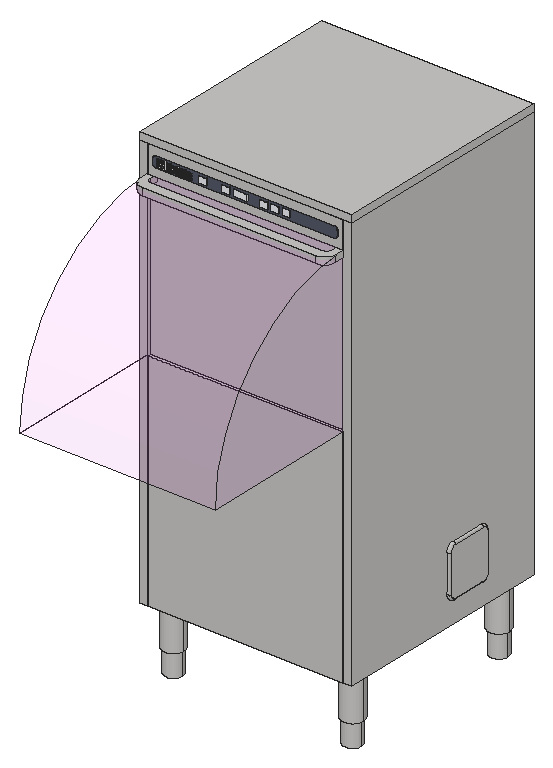
Revit family "QF_ELECTROLUXPROFESSIONAL_503024_WTU40ADP", category Attrezzature speciali, Revit 2020
Family settings
  Quota connettore circolare = Usa diametro
  Tipo di parte = Normale
  Basato su piano di lavoro = No
  Sempre verticale = Sì
  Taglio con vuoti quando caricato = No
  Condiviso = No
  Punto di calcolo locali = No
Parameters (values of type "Standard")
  Weight = 97.00 kg
  Watts = 9900 W
  Volts = 400 V
  URL Manufacturer = "https://www.electroluxprofessional.com/"
  URL = "https://www.electroluxprofessional.com/"
  Steam Supply Size = 0 mm
  Steam Supply Minimum Pressure = 0.0 Pa
  Steam Supply Maximum Pressure = 0.0 Pa
  Steam Consumption per Hour = 0
  Show Logo [instance] = yes
  Show Clearance [instance] = yes
  Refrigeration Suction Line Size = 0 mm
  Refrigeration Liquid Line Size = 0 mm
  Refrigerant Compressor Remote = yes
  Prospetto di default = 0 mm
  Produttore = "Electrolux Professional"
  Phase = 3
  Modello = "WTU40ADP"
  Length Actual = 642 mm  # constant formula
  Item Number = "503024"
  Hot Water Size = 19.05 mm
  Height Actual = 1477 mm  # constant formula
  HP = "13.3 HP"
  Gas Size = 0 mm
  Gas KW = 0
  Gas Input Pressure = 0 W
  Direct Waste Size = 20.5 mm
  Descrizione = "UTENSIL/DISHW. 65B/H,DRAIN P,ATM.BOILER"
  Depth Actual = 723 mm  # constant formula
  Cycle = 50 Hz
  Condensate Return Size = 0 mm
  Compressed Air Volume = 0.0 L/s
  Compressed Air Size = 0 mm
  Compressed Air Pressure = 0.0 Pa
  Cold Water Size = 0 mm
  Accessory = yes
Reference planes
  plane 1: z = 0
  plane 2 "LEFT": x = -438
  plane 3 "BACK": y = 450
  plane 4: z = 904
  plane 5: y = 381
  plane 6: x = -388
  plane 7: z = 200
  plane 8: x = 204
  plane 9: x = -117
  plane 10: z = 880
  plane 11: z = 1477
  plane 12: z = 1363
  plane 13: x = 154
  plane 14: y = -239
  plane 15: y = -172
  plane 16: through (180, 105, 4000) normal (-0.7071, -0.7071, 0)
  plane 17: through (180, 125, 4000) normal (0.7071, -0.7071, 0)
  plane 18: through (47, -3351, 200) normal (-0.7071, 0, -0.7071)
  plane 19: through (47, -3351, 220) normal (0.7071, 0, -0.7071)
  plane 20: y = 392
  plane 21: x = -173
  plane 22: y = 392
  plane 23: x = -117
  plane 24: y = -76
  plane 25: x = -208
Forms (mm)
  Extrusion 1, solid, material "QF_Finishes_Stainless Steel"
    sketch origin (0, 211, 0) x (1, 0, 0) y (0, 1, 0)
      loop
        line (-438, 239) -> (-438, -450) -> (-413, -450) -> (-413, -418) -> (179, -418) -> (179, -450) -> (204, -450) -> (204, 239) -> (-438, 239)
    from 200 to 1455
  Extrusion 2, solid, material "QF_Finishes_Stainless Steel"
    sketch origin (-247.596, -58.023, 198) x (0, -1, 0) y (1, 0, 0)
      loop
        line (-163.023, 407.596) -> (-163.023, 427.596) -> (-183.023, 427.596) -> (-183.023, 407.596) -> (-163.023, 407.596)
    from 0 to 2
  Extrusion 3, solid, material "QF_Finishes_Stainless Steel"
    sketch origin (-1275.159, 1164.464, 194.383) x (1, 0, 0) y (0, 1, 0)
      loop
        circle (1102.159, -772.464) r 10
    from -9.383 to 5.617
  Extrusion 4, solid, material "QF_Finishes_Stainless Steel"
    sketch origin (-30, 211, -709) x (1, 0, 0) y (0, 1, 0)
      loop
        line (-383, -440) -> (209, -440) -> (209, -420) -> (-383, -420) -> (-383, -440)
    from 1589 to 2082
  Extrusion 5, solid, material "QF_Finishes_Stainless Steel"
    sketch origin (-30, 211, -1192) x (1, 0, 0) y (0, 1, 0)
      loop
        line (-383, -450) -> (209, -450) -> (209, -420) -> (-383, -420) -> (-383, -450)
    from 1392 to 2072
  Extrusion 6, solid, material "QF_Finishes_Door Clearance", visible <- "Show Clearance"
    sketch origin (-259, -429, 522.718) x (0, 1, 0) y (0, 0, -1)
      loop
        line (200, -357.282) -> (-293, -357.282)
        arc (-293, -357.282) -> (-148.604, -705.885) -> (200, -850.282) r 493
        line (200, -850.282) -> (200, -357.282)
    from 154 to -438
  Extrusion 7, solid, material "QF_Finishes_Stainless Steel"
    sketch origin (-30, 211, -19) x (1, 0, 0) y (0, 1, 0)
      loop
        line (-383, -450) -> (209, -450) -> (209, -420) -> (-383, -420) -> (-383, -450)
    from 1392 to 1474
  Extrusion 8, solid, material "QF_Finishes_Stainless Steel"
    sketch origin (-57, 0, 63) x (1, 0, 0) y (0, 1, 0)
      loop
        line (-381, -239) -> (261, -239) -> (261, 450) -> (-381, 450) -> (-381, -239)
    from 1392 to 1414
  Extrusion 9, solid, material "QF_Finishes_Stainless Steel"
    sketch origin (-1219.159, 1164.464, 194.383) x (1, 0, 0) y (0, 1, 0)
      loop
        circle (1102.159, -772.464) r 10
    from -9.383 to 5.617
  Extrusion 10, solid, material "QF_Finishes_Stainless Steel"
    sketch origin (-1107.159, 1164.464, 194.383) x (1, 0, 0) y (0, 1, 0)
      loop
        circle (1102.159, -772.464) r 10
    from -9.383 to 5.617
  Extrusion 11, solid, material "QF_Finishes_Stainless Steel"
    sketch origin (-1310.159, 696.464, 194.383) x (1, 0, 0) y (0, 1, 0)
      loop
        circle (1102.159, -772.464) r 10
    from -9.383 to 5.617
Dimensions and locks
  plane 4 to level = 904 mm
  plane 3 "BACK" to plane 5 = 69 mm
  plane 2 "LEFT" to plane 6 = 50 mm
  plane 2 "LEFT" to plane 8 = 642 mm
  equal spacing: plane 2 "LEFT", plane 9, plane 8
  plane 10 to level = 880 mm
  plane 11 to level = 1477 mm
  plane 12 to plane 10 = 483 mm
  nested 1 to plane 6 = 0 mm
  plane 13 to plane 8 = 50 mm
  plane 3 "BACK" to plane 14 = 689 mm
  plane 15 to plane 14 = 67 mm
  aligned and locked: level to plane 1
Automatic sketch dimensions
  Extrusion 1 sketch curve to plane 2 "LEFT" = 0 mm
  plane 14 to Extrusion 1 sketch curve = 0 mm  (x2)
  Extrusion 1 sketch curve to plane 3 "BACK" = 0 mm
  Extrusion 1 sketch curve to plane 8 = 0 mm
  plane 2 "LEFT" to Extrusion 1 sketch curve = 25 mm
  plane 8 to Extrusion 1 sketch curve = 25 mm
  Extrusion 1 sketch curve to plane 14 = 32 mm
  Extrusion 2 sketch curve to plane 16 = 0 mm
  plane 17 to Extrusion 2 sketch curve = 0 mm
  Extrusion 2 sketch curve to plane 17 = 0 mm
  Extrusion 2 sketch curve to plane 13 = 6 mm
  plane 20 to Extrusion 3 sketch curve = 0 mm
  Extrusion 3 sketch curve to plane 21 = 0 mm
  plane 2 "LEFT" to Extrusion 4 sketch curve = 25 mm
  plane 8 to Extrusion 4 sketch curve = 25 mm
  Extrusion 4 sketch curve to plane 14 = 10 mm
  Extrusion 4 sketch curve to Extrusion 4 sketch curve = 20 mm
  plane 14 to Extrusion 5 sketch curve = 0 mm
  plane 2 "LEFT" to Extrusion 5 sketch curve = 25 mm
  plane 8 to Extrusion 5 sketch curve = 25 mm
  Extrusion 5 sketch curve to plane 14 = 30 mm
  plane 10 to Extrusion 6 sketch curve = 0 mm  (x2)
  Extrusion 6 sketch curve to plane 14 = 10 mm
  plane 12 to Extrusion 6 sketch curve = 10 mm
  plane 14 to Extrusion 7 sketch curve = 0 mm
  plane 2 "LEFT" to Extrusion 7 sketch curve = 25 mm
  plane 8 to Extrusion 7 sketch curve = 25 mm
  Extrusion 7 sketch curve to plane 14 = 30 mm
  Extrusion 8 sketch curve to plane 3 "BACK" = 0 mm
  plane 14 to Extrusion 8 sketch curve = 0 mm
  Extrusion 8 sketch curve to plane 8 = 0 mm
  Extrusion 8 sketch curve to plane 2 "LEFT" = 0 mm
  Extrusion 9 sketch curve to plane 9 = 0 mm
  plane 20 to Extrusion 9 sketch curve = 0 mm
  plane 20 to Extrusion 10 sketch curve = 0 mm
  Extrusion 10 sketch curve to plane 9 = 112 mm
  plane 2 "LEFT" to Extrusion 11 sketch curve = 230 mm
  Extrusion 11 sketch curve to plane 5 = 457 mm
  radius of Extrusion 3 sketch curve = 10 mm
  radius of Extrusion 9 sketch curve = 10 mm
  radius of Extrusion 10 sketch curve = 10 mm
  radius of Extrusion 11 sketch curve = 10 mm
Nested families
  nested 1: "Piedino H200 - DISHWASHING" at (-388, -172, 0), type "Piedino H200 - DISHWASHING"
    with H 200 mm
  nested 2: "Piedino H200 - DISHWASHING" at (-388, 381, 0), type "Piedino H200 - DISHWASHING"
    with H 200 mm
  nested 3: "Piedino H200 - DISHWASHING" at (154, -172, 0), type "Piedino H200 - DISHWASHING"
    with H 200 mm
  nested 4: "Piedino H200 - DISHWASHING" at (154, 381, 0), type "Piedino H200 - DISHWASHING"
    with H 200 mm
  nested 5: "MANIGLIA_DISHWASHING_ROUND" at (-117, -229, 1362.997) x (1, 0, 0) z (0, -1, 0), type "MANIGLIA_DISHWASHING_ROUND"
  nested 6: "Tastierino_DISHWASHING_BLU ELECTROLUX - LUNGO" at (-117, -239, 1414) x (1, 0, 0) z (0, -1, 0), type "Tastierino_DISHWASHING_BLU ELECTROLUX - LUNGO"
    with Show Logo yes
  nested 7: "BOCCHETTONE DISHWASHING" at (204, 191, 350) x (0, -1, 0) z (1, 0, 0), type "BOCCHETTONE DISHWASHING"
  nested 8: "ELX_LOGO_MONO_SMALL_WHITE" at (-360.07, -240, 1463) x (1, 0, 0) z (0, -1, 0), Show Logo <- "Show Logo", visible <- "Show Logo", type "ELX_LOGO_MONO_SMALL_WHITE"
    with Show Logo yes
  nested 9: "ELX_LOGO_WORDS_WHITE" at (-314.654, -240, 1414) x (1, 0, 0) z (0, -1, 0), Show Logo <- "Show Logo", visible <- "Show Logo", type "ELX_LOGO_WORDS_WHITE"
    with Show Logo yes
Connectors
  electrical at (170, 115, 198), driven by "Volts"
    settings: on Extrusion 2, index 69, voltage 400 V, apparent load 0 VA, apparent load phase1 0 VA, apparent load phase2 0 VA, apparent load phase3 0 VA, power factor 1, load classification "Altro", number of poles 1, system type 30, power factor state 1, is connector primary yes, connector utility no, sub classification motor no, connector description "Electrical Connection"
  piping at (-173, 392, 185), diameter 20.5, driven by "Direct Waste Size"
    settings: on Extrusion 3, index 70, connector inside diameter 609.6 mm, connector length 0 mm, flow factor 0, pipe flow 0.0 L/s, pressure drop 0.0 Pa, fitting loss kfactor 0, connector angle 0.00°, fixture units 0, engagement length 0 mm, angle of deflection 0.00°, flow configuration 0, flow direction 0, fitting loss method 0, system type 29, joint type 0, gender type 0, connector reference index -1, connector utility 0, adjustable connector no, is connector primary yes, connector description "Drain"
  piping at (-117, 392, 185), diameter 20.5, driven by "Direct Waste Size"
    settings: on Extrusion 9, index 72, connector inside diameter 609.6 mm, connector length 0 mm, flow factor 0, pipe flow 0.0 L/s, pressure drop 0.0 Pa, fitting loss kfactor 0, connector angle 0.00°, fixture units 0, engagement length 0 mm, angle of deflection 0.00°, flow configuration 0, flow direction 0, fitting loss method 0, system type 29, joint type 0, gender type 0, connector reference index -1, connector utility 0, adjustable connector no, is connector primary no, connector description "Drain"
  piping at (-5, 392, 185), diameter 19.05, driven by "Hot Water Size"
    settings: on Extrusion 10, index 73, connector inside diameter 609.6 mm, connector length 0 mm, flow factor 0, pipe flow 0.0 L/s, pressure drop 0.0 Pa, fitting loss kfactor 0, connector angle 0.00°, fixture units 0, engagement length 0 mm, angle of deflection 0.00°, flow configuration 0, flow direction 0, fitting loss method 0, system type 29, joint type 0, gender type 0, connector reference index -1, connector utility 0, adjustable connector no, is connector primary no, connector description "Hot Water Inlet"
  piping at (-208, -76, 185), diameter 20.5, driven by "Direct Waste Size"
    settings: on Extrusion 11, index 74, connector inside diameter 609.6 mm, connector length 0 mm, flow factor 0, pipe flow 0.0 L/s, pressure drop 0.0 Pa, fitting loss kfactor 0, connector angle 0.00°, fixture units 0, engagement length 0 mm, angle of deflection 0.00°, flow configuration 0, flow direction 0, fitting loss method 0, system type 29, joint type 0, gender type 0, connector reference index -1, connector utility 0, adjustable connector no, is connector primary no, connector description "Drain"
Definition of nested family "Piedino H200 - DISHWASHING"
  Parameters (values of type "Piedino H200 - DISHWASHING")
    Default Elevation = 0 mm
    H [instance] = 200 mm
  Reference planes
    plane 1 "Centro (Fronte/Retro)": y = 0
    plane 2: z = 0
    plane 3 "Centro (Sinistra/Destra)": x = 0
    plane 4: z = 70.047
  Forms (mm)
    Revolve 1, solid
      sketch origin (55, 0, 0) x (-1, 0, 0) y (0, 0, -1)
        loop
          line (55, 0) -> (27.6, 0) -> (27.6, -70.047) -> (22.6, -70.047) -> (22.6, -200) -> (55, -200) -> (55, 0)
        axis (55, 0) -> (55, -200)
      angle from 0 to 360
  Dimensions and locks
    "H": Revolve 1 to plane 2
    aligned and locked: level to plane 2
  Automatic sketch dimensions
    Revolve 1 sketch curve to plane 4 = 0 mm
    Revolve 1 sketch curve to level = 0 mm
    Revolve 1 sketch curve to plane 3 "Centro (Sinistra/Destra)" = 0 mm  (x2)
    plane 3 "Centro (Sinistra/Destra)" to Revolve 1 sketch curve = 27.4 mm
    Revolve 1 sketch curve to Revolve 1 sketch curve = 5 mm
    Revolve 1 sketch curve to plane 4 = 129.953 mm
    Revolve 1 sketch curve to Revolve 1 sketch curve = 0 mm
    Revolve 1 sketch curve to Revolve 1 sketch curve = 20 mm
Definition of nested family "MANIGLIA_DISHWASHING_ROUND"
  Parameters (values of type "MANIGLIA_DISHWASHING_ROUND")
    Default Elevation = 1219.2 mm
  Reference planes
    plane 1 "Centro (Fronte/Retro)": y = 0
    plane 2: z = 0
    plane 3 "Centro (Sinistra/Destra)": x = 0
    plane 4: z = 72
    plane 5: x = -296
    plane 6: x = 296
  Forms (mm)
    Extrusion 1, solid
      sketch origin (0, 0, 0) x (1, 0, 0) y (0, 1, 0)
        loop
          line (-1219.2, 1219.2) -> (-1219.2, -1219.2) -> (1219.2, -1219.2) -> (1219.2, 1219.2) -> (-1219.2, 1219.2)
      from 0 to -304.8
    Extrusion 2, solid
      sketch origin (0, 10.003, 0) x (1, 0, 0) y (0, 0, 1)
        loop
          line (-296, 0) -> (-276, 0) -> (-276, 27)
          arc (-276, 27) -> (-271.607, 37.607) -> (-261, 42) r 15
          line (-261, 42) -> (261, 42)
          arc (261, 42) -> (271.607, 37.607) -> (276, 27) r 15
          line (276, 27) -> (276, 0) -> (296, 0) -> (296, 37)
          arc (296, 37) -> (285.749, 61.749) -> (261, 72) r 35
          line (261, 72) -> (-261, 72)
          arc (-261, 72) -> (-285.749, 61.749) -> (-296, 37) r 35
          line (-296, 37) -> (-296, 0)
      from 0 to 20.005
  Dimensions and locks
    plane 5 to plane 6 = 592 mm
    aligned and locked: plane 2 to Extrusion 1
    aligned and locked: level to Extrusion 1
Definition of nested family "Tastierino_DISHWASHING_BLU ELECTROLUX - LUNGO"
  Parameters (values of type "Tastierino_DISHWASHING_BLU ELECTROLUX - LUNGO")
    Show Logo [instance] = yes
    Default Elevation = 1219.2 mm
  Reference planes
    plane 1 "Centro (Fronte/Retro)": y = 0
    plane 2: z = 0
    plane 3 "Centro (Sinistra/Destra)": x = 0
  Forms (mm)
    Extrusion 1, solid
      sketch origin (0, 0, 0) x (1, 0, 0) y (0, 1, 0)
        loop
          line (-1219.2, 1219.2) -> (-1219.2, -1219.2) -> (1219.2, -1219.2) -> (1219.2, 1219.2) -> (-1219.2, 1219.2)
      from 0 to -304.8
    Extrusion 2, solid
      sketch origin (0, -346.27, 0) x (1, 0, 0) y (0, 1, 0)
        loop
          line (-279, 352.097) -> (-279, 340.442)
          arc (-279, 340.442) -> (-276.071, 333.371) -> (-269, 330.442) r 10
          line (-269, 330.442) -> (269, 330.442)
          arc (269, 330.442) -> (276.071, 333.371) -> (279, 340.442) r 10
          line (279, 340.442) -> (279, 352.097)
          arc (279, 352.097) -> (276.071, 359.169) -> (269, 362.097) r 10
          line (269, 362.097) -> (-269, 362.097)
          arc (-269, 362.097) -> (-276.071, 359.169) -> (-279, 352.097) r 10
      from 0 to 1
    Extrusion 3, solid
      sketch origin (15, -346.27, 0) x (1, 0, 0) y (0, 1, 0)
        loop
          line (-154.168, 355.847) -> (-154.168, 336.692) -> (-131.389, 336.692) -> (-131.389, 355.847) -> (-154.168, 355.847)
        loop
          line (-84.168, 355.847) -> (-84.168, 336.692) -> (-61.389, 336.692) -> (-61.389, 355.847) -> (-84.168, 355.847)
        loop
          line (30.832, 355.847) -> (30.832, 336.692) -> (53.611, 336.692) -> (53.611, 355.847) -> (30.832, 355.847)
        loop
          line (63.497, 355.847) -> (63.497, 336.692) -> (86.275, 336.692) -> (86.275, 355.847) -> (63.497, 355.847)
        loop
          line (98.497, 355.847) -> (98.497, 336.692) -> (121.275, 336.692) -> (121.275, 355.847) -> (98.497, 355.847)
        loop
          line (-48.676, 355.847) -> (-48.676, 336.692) -> (-8.383, 336.692) -> (-8.383, 355.847) -> (-48.676, 355.847)
      from 0 to 2
  Dimensions and locks
    aligned and locked: plane 2 to Extrusion 1
    aligned and locked: level to Extrusion 1
Definition of nested family "BOCCHETTONE DISHWASHING"
  Parameters (values of type "BOCCHETTONE DISHWASHING")
    Default Elevation = 1219.2 mm
  Reference planes
    plane 1 "Centro (Fronte/Retro)": y = 0
    plane 2: z = 0
    plane 3 "Centro (Sinistra/Destra)": x = 0
  Forms (mm)
    Extrusion 1, solid
      sketch origin (0, 0, 0) x (1, 0, 0) y (0, 1, 0)
        loop
          line (-1219.2, 1219.2) -> (-1219.2, -1219.2) -> (1219.2, -1219.2) -> (1219.2, 1219.2) -> (-1219.2, 1219.2)
      from 0 to -304.8
    Extrusion 2, solid
      sketch origin (-411.544, -195.727, 0) x (1, 0, 0) y (0, 1, 0)
        loop
          arc (359.044, 268.227) -> (348.437, 263.833) -> (344.044, 253.227) r 15
          line (344.044, 253.227) -> (344.044, 138.227)
          arc (344.044, 138.227) -> (348.437, 127.62) -> (359.044, 123.227) r 15
          line (359.044, 123.227) -> (464.044, 123.227)
          arc (464.044, 123.227) -> (474.65, 127.62) -> (479.044, 138.227) r 15
          line (479.044, 138.227) -> (479.044, 253.227)
          arc (479.044, 253.227) -> (474.65, 263.833) -> (464.044, 268.227) r 15
          line (464.044, 268.227) -> (359.044, 268.227)
      from 0 to 13.165
    Sweep 3, solid
      path in 3D
        loop
          arc (-52.5, 72.5, 13.165) -> (-63.107, 68.107, 13.165) -> (-67.5, 57.5, 13.165) r 15
          line (-67.5, 57.5, 13.165) -> (-67.5, -57.5, 13.165)
          arc (-67.5, -57.5, 13.165) -> (-63.107, -68.107, 13.165) -> (-52.5, -72.5, 13.165) r 15
          line (-52.5, -72.5, 13.165) -> (52.5, -72.5, 13.165)
          arc (52.5, -72.5, 13.165) -> (63.107, -68.107, 13.165) -> (67.5, -57.5, 13.165) r 15
          line (67.5, -57.5, 13.165) -> (67.5, 57.5, 13.165)
          arc (67.5, 57.5, 13.165) -> (63.107, 68.107, 13.165) -> (52.5, 72.5, 13.165) r 15
          line (52.5, 72.5, 13.165) -> (-52.5, 72.5, 13.165)
      profile origin (0, 72.5, 13.165) x (0, 0, 1) y (0, 1, 0)
        loop
          arc (-1.054, 0) -> (-6.598, 5.544) -> (-12.141, 0) r 5.544
          line (-12.141, 0) -> (-1.054, 0)
  Lines and regions (mm)
    sketch lines
      curve 1: line (52.5, 72.5, 13.165) -> (-52.5, 72.5, 13.165)
      curve 2: arc (-67.5, 57.5, 13.165) -> (-63.107, 68.107, 13.165) -> (-52.5, 72.5, 13.165) r 15
      curve 3: line (-67.5, 57.5, 13.165) -> (-67.5, -57.5, 13.165)
      curve 4: arc (-52.5, -72.5, 13.165) -> (-63.107, -68.107, 13.165) -> (-67.5, -57.5, 13.165) r 15
      curve 5: line (-52.5, -72.5, 13.165) -> (52.5, -72.5, 13.165)
      curve 6: line (67.5, -57.5, 13.165) -> (67.5, 57.5, 13.165)
      curve 7: arc (52.5, 72.5, 13.165) -> (63.107, 68.107, 13.165) -> (67.5, 57.5, 13.165) r 15
      curve 8: arc (67.5, -57.5, 13.165) -> (63.107, -68.107, 13.165) -> (52.5, -72.5, 13.165) r 15
  Dimensions and locks
    aligned and locked: plane 2 to Extrusion 1
    aligned and locked: level to Extrusion 1
Definition of nested family "ELX_LOGO_MONO_SMALL_WHITE"
  Parameters (values of type "ELX_LOGO_MONO_SMALL_WHITE")
    Show Logo [instance] = yes
    Default Elevation = 1219.2 mm
  Reference planes
    plane 1 "Center (Front/Back)": y = -49
    plane 2: z = 0
    plane 3 "Center (Left/Right)": x = -9.92
  Forms (mm)
    Extrusion 1, solid
      sketch origin (0, 0, 0) x (1, 0, 0) y (0, 1, 0)
        loop
          line (-1219.2, 1219.2) -> (-1219.2, -1219.2) -> (1219.2, -1219.2) -> (1219.2, 1219.2) -> (-1219.2, 1219.2)
      from 0 to -304.8
    Extrusion 2, solid, visible <- "Show Logo"
      sketch origin (84.462, 509.781, 0) x (1, 0, 0) y (0, 1, 0)
        loop
          line (-97.736, -569.727) -> (-97.736, -547.891)
          arc (-97.736, -547.891) -> (-105.808, -558.809) -> (-97.736, -569.727) r 11.42
        loop
          arc (-96.625, -569.727) -> (-87.544, -567.663) -> (-83.169, -559.442) r 11.191
          line (-83.169, -559.442) -> (-86.782, -559.442)
          arc (-86.782, -559.442) -> (-93.235, -562.062) -> (-96.625, -568.146) r 10.49
          line (-96.625, -568.146) -> (-96.625, -569.727)
        loop
          arc (-96.625, -549.472) -> (-93.235, -555.557) -> (-86.782, -558.176) r 10.49
          line (-86.782, -558.176) -> (-83.169, -558.176)
          arc (-83.169, -558.176) -> (-87.537, -549.888) -> (-96.625, -547.611) r 11.484
          line (-96.625, -547.611) -> (-96.625, -549.472)
        loop
          line (-82.34, -570.919) -> (-82.34, -546.65) -> (-106.642, -546.65) -> (-106.642, -570.919) -> (-82.34, -570.919)
      from 0 to 1.644
  Dimensions and locks
    aligned and locked: plane 2 to Extrusion 1
    aligned and locked: level to Extrusion 1
Definition of nested family "ELX_LOGO_WORDS_WHITE"
  Parameters (values of type "ELX_LOGO_WORDS_WHITE")
    Show Logo [instance] = yes
    Default Elevation = 0 mm
  Reference planes
    plane 1 "Centro (Fronte/Retro)": y = 0
    plane 2: z = 0
    plane 3 "Centro (Sinistra/Destra)": x = 0
  Forms (mm)
    Extrusion 1, solid
      sketch origin (0, 0, 0) x (1, 0, 0) y (0, 1, 0)
        loop
          line (-1219.2, 1219.2) -> (-1219.2, -1219.2) -> (1219.2, -1219.2) -> (1219.2, 1219.2) -> (-1219.2, 1219.2)
      from 0 to -304.8
    Extrusion 2, solid, visible <- "Show Logo"
      sketch origin (0, 0, 0) x (1, 0, 0) y (0, 1, 0)
        loop
          line (-30.234, 10.561) -> (-37.67, 10.561) -> (-37.67, 1.902)
          arc (-37.67, 1.902) -> (-36.691, -0.461) -> (-34.329, -1.439) r 3.341
          line (-34.329, -1.439) -> (-30.09, -1.439) -> (-30.09, 0.503) -> (-33.845, 0.503)
          arc (-33.845, 0.503) -> (-35.079, 0.92) -> (-35.604, 2.112) r 1.615
          line (-35.604, 2.112) -> (-35.604, 3.829) -> (-30.555, 3.829) -> (-30.555, 5.779) -> (-35.604, 5.779) -> (-35.604, 8.617) -> (-30.234, 8.617) -> (-30.234, 10.561)
        loop
          line (-28.622, 10.561) -> (-28.622, -1.439) -> (-26.555, -1.439) -> (-26.555, 10.561) -> (-28.622, 10.561)
        loop
          line (16.27, 10.561) -> (16.27, -1.439) -> (18.338, -1.439) -> (18.338, 10.561) -> (16.27, 10.561)
        loop
          line (-23.137, 2.393) -> (-16.354, 2.393)
          arc (-16.354, 2.393) -> (-17.415, 6.119) -> (-21.043, 7.478) r 4.298
          arc (-21.043, 7.478) -> (-24.239, 5.857) -> (-25.151, 2.393) r 4.373
          arc (-25.151, 2.393) -> (-23.951, -0.505) -> (-21.053, -1.705) r 4.097
          arc (-21.053, -1.705) -> (-18.799, -1.372) -> (-16.908, -0.099) r 5.15
          line (-16.908, -0.099) -> (-18.133, 1.125)
          arc (-18.133, 1.125) -> (-19.74, 0.161) -> (-21.607, 0.323) r 3.039
          arc (-21.607, 0.323) -> (-22.746, 1.081) -> (-23.137, 2.393) r 2.013
        loop
          line (-23.085, 3.846) -> (-18.431, 3.846)
          arc (-18.431, 3.846) -> (-19.084, 5.22) -> (-20.519, 5.727) r 1.983
          arc (-20.519, 5.727) -> (-22.175, 5.295) -> (-23.085, 3.846) r 2.321
        loop
          line (-8.297, 4.711) -> (-6.999, 6.009)
          arc (-6.999, 6.009) -> (-8.627, 7.187) -> (-10.604, 7.539) r 4.497
          arc (-10.604, 7.539) -> (-13.621, 6.437) -> (-15.204, 3.642) r 4.652
          arc (-15.204, 3.642) -> (-12.536, -1.257) -> (-7.072, -0.127) r 4.684
          line (-7.072, -0.127) -> (-8.363, 1.163)
          arc (-8.363, 1.163) -> (-11.149, 0.242) -> (-13.145, 2.393) r 2.714
          arc (-13.145, 2.393) -> (-13.006, 4.094) -> (-11.835, 5.335) r 2.578
          arc (-11.835, 5.335) -> (-9.96, 5.621) -> (-8.297, 4.711) r 2.961
        loop
          line (-5.73, 10.561) -> (-5.73, 2.36)
          arc (-5.73, 2.36) -> (-5.551, 1.13) -> (-5.09, -0.025) r 5.301
          arc (-5.09, -0.025) -> (-3.615, -1.198) -> (-1.746, -1.445) r 3.531
          line (-1.746, -1.445) -> (-1.746, 0.492)
          arc (-1.746, 0.492) -> (-2.302, 0.534) -> (-2.82, 0.74) r 1.862
          arc (-2.82, 0.74) -> (-3.484, 1.442) -> (-3.662, 2.393) r 1.713
          line (-3.662, 2.393) -> (-3.662, 5.362) -> (-1.785, 5.362) -> (-1.785, 7.24) -> (-3.662, 7.24) -> (-3.662, 10.561) -> (-5.73, 10.561)
        loop
          arc (2.004, 3.123) -> (2.152, 3.988) -> (2.578, 4.755) r 2.607
          arc (2.578, 4.755) -> (3.817, 5.391) -> (5.208, 5.362) r 2.84
          line (5.208, 5.362) -> (5.208, 7.349)
          arc (5.208, 7.349) -> (3.39, 7.177) -> (2.004, 5.989) r 3.016
          line (2.004, 5.989) -> (2.004, 7.24) -> (-0.046, 7.24) -> (-0.046, -1.439) -> (2.004, -1.439) -> (2.004, 3.123)
        loop
          circle (10.262, 2.899) r 4.599
        loop
          circle (10.262, 2.899) r 2.787
        loop
          arc (25.793, 2.175) -> (25.283, 0.772) -> (23.898, 0.213) r 1.835
          arc (23.898, 0.213) -> (22.514, 0.772) -> (22.004, 2.175) r 1.835
          line (22.004, 2.175) -> (22.004, 7.24) -> (19.919, 7.24) -> (19.919, 2.003)
          arc (19.919, 2.003) -> (21.105, -0.701) -> (23.898, -1.659) r 3.675
          arc (23.898, -1.659) -> (26.723, -0.672) -> (27.877, 2.088) r 3.675
          line (27.877, 2.088) -> (27.877, 7.24) -> (25.793, 7.24) -> (25.793, 2.175)
        loop
          line (29.126, 7.24) -> (32.128, 3.164) -> (28.83, -1.442) -> (31.052, -1.442) -> (33.241, 1.615) -> (35.462, -1.442) -> (37.67, -1.442) -> (34.419, 3.211) -> (37.392, 7.24) -> (35.135, 7.24) -> (33.234, 4.663) -> (31.362, 7.24) -> (29.126, 7.24)
        loop
          line (-35.875, -6.414) -> (-37.523, -6.414) -> (-37.523, -10.564) -> (-36.621, -10.564) -> (-36.621, -9.135) -> (-35.625, -9.135)
          arc (-35.625, -9.135) -> (-34.509, -7.66) -> (-35.875, -6.414) r 1.372
        loop
          arc (-35.664, -8.32) -> (-35.322, -7.786) -> (-35.664, -7.253) r 0.587
          line (-35.664, -7.253) -> (-36.621, -7.253) -> (-36.621, -8.32) -> (-35.664, -8.32)
        loop
          line (-29.363, -6.414) -> (-31.04, -6.414) -> (-31.04, -10.564) -> (-30.138, -10.564) -> (-30.138, -9.135) -> (-29.265, -9.135) -> (-28.669, -10.564) -> (-27.7, -10.564) -> (-28.516, -8.814)
          arc (-28.516, -8.814) -> (-28.125, -8.347) -> (-27.994, -7.752) r 1.281
          arc (-27.994, -7.752) -> (-28.406, -6.804) -> (-29.363, -6.414) r 1.37
        loop
          line (-30.138, -7.253) -> (-30.138, -8.32) -> (-29.18, -8.32)
          arc (-29.18, -8.32) -> (-28.839, -7.786) -> (-29.18, -7.253) r 0.587
          line (-29.18, -7.253) -> (-30.138, -7.253)
        loop
          circle (-22.402, -8.489) r 2.156
        loop
          circle (-22.402, -8.489) r 1.368
        loop
          line (-16.703, -6.414) -> (-16.703, -10.564) -> (-15.823, -10.564) -> (-15.823, -9.114) -> (-14.261, -9.114) -> (-14.261, -8.184) -> (-15.823, -8.184) -> (-15.823, -7.308) -> (-14.111, -7.308) -> (-14.111, -6.414) -> (-16.703, -6.414)
        loop
          line (-10.611, -6.414) -> (-10.611, -9.216)
          arc (-10.611, -9.216) -> (-10.229, -10.166) -> (-9.284, -10.561) r 1.327
          line (-9.284, -10.561) -> (-7.945, -10.561) -> (-7.945, -9.777) -> (-9.204, -9.777)
          arc (-9.204, -9.777) -> (-9.668, -9.394) -> (-9.759, -8.799) r 0.845
          line (-9.759, -8.799) -> (-8.1, -8.799) -> (-8.1, -8.015) -> (-9.759, -8.015) -> (-9.759, -7.198) -> (-7.985, -7.198) -> (-7.985, -6.414) -> (-10.611, -6.414)
        loop
          arc (4.417, -6.94) -> (3.867, -6.489) -> (3.171, -6.345) r 1.485
          arc (3.171, -6.345) -> (2.528, -6.503) -> (2, -6.902) r 1.645
          arc (2, -6.902) -> (1.902, -7.844) -> (2.51, -8.571) r 1.217
          arc (2.51, -8.571) -> (3.021, -8.741) -> (3.506, -8.976) r 4.201
          arc (3.506, -8.976) -> (3.812, -9.337) -> (3.601, -9.761) r 0.43
          arc (3.601, -9.761) -> (3.209, -9.853) -> (2.819, -9.754) r 0.846
          arc (2.819, -9.754) -> (2.482, -9.511) -> (2.275, -9.15) r 0.983
          line (2.275, -9.15) -> (1.549, -9.489)
          arc (1.549, -9.489) -> (1.811, -9.993) -> (2.232, -10.374) r 1.595
          arc (2.232, -10.374) -> (2.71, -10.578) -> (3.227, -10.63) r 1.719
          arc (3.227, -10.63) -> (3.867, -10.503) -> (4.442, -10.197) r 2.246
          arc (4.442, -10.197) -> (4.697, -9.52) -> (4.566, -8.81) r 1.349
          arc (4.566, -8.81) -> (4.282, -8.482) -> (3.919, -8.245) r 1.564
          arc (3.919, -8.245) -> (3.46, -8.04) -> (2.99, -7.864) r 8.236
          arc (2.99, -7.864) -> (2.718, -7.441) -> (3.111, -7.128) r 0.375
          arc (3.111, -7.128) -> (3.581, -7.241) -> (3.943, -7.563) r 0.998
          line (3.943, -7.563) -> (4.417, -6.94)
        loop
          line (8.225, -6.414) -> (8.225, -10.561) -> (9.077, -10.561) -> (9.077, -6.414) -> (8.225, -6.414)
        loop
          circle (14.827, -8.488) r 1.29
        loop
          circle (14.827, -8.488) r 2.154
        loop
          line (20.548, -10.561) -> (21.409, -10.561) -> (21.409, -7.954) -> (23.306, -10.561) -> (24.135, -10.561) -> (24.135, -6.414) -> (23.274, -6.414) -> (23.274, -9.101) -> (21.377, -6.414) -> (20.548, -6.414) -> (20.548, -10.561)
        loop
          line (28.435, -10.561) -> (28.839, -9.667) -> (30.373, -9.667) -> (30.777, -10.561) -> (31.693, -10.561) -> (29.942, -6.414) -> (29.142, -6.414) -> (27.519, -10.561) -> (28.435, -10.561)
        loop
          line (29.99, -8.816) -> (29.579, -7.905) -> (29.18, -8.816) -> (29.99, -8.816)
        loop
          line (35.929, -9.777) -> (35.929, -6.414) -> (35.076, -6.414) -> (35.076, -10.561) -> (37.523, -10.561) -> (37.523, -9.777) -> (35.929, -9.777)
        loop
          arc (-1.8, -6.94) -> (-2.35, -6.489) -> (-3.046, -6.345) r 1.485
          arc (-3.046, -6.345) -> (-3.689, -6.503) -> (-4.218, -6.902) r 1.645
          arc (-4.218, -6.902) -> (-4.316, -7.844) -> (-3.708, -8.571) r 1.217
          arc (-3.708, -8.571) -> (-3.197, -8.741) -> (-2.712, -8.976) r 4.201
          arc (-2.712, -8.976) -> (-2.405, -9.337) -> (-2.616, -9.761) r 0.43
          arc (-2.616, -9.761) -> (-3.008, -9.853) -> (-3.399, -9.754) r 0.846
          arc (-3.399, -9.754) -> (-3.736, -9.511) -> (-3.942, -9.15) r 0.983
          line (-3.942, -9.15) -> (-4.668, -9.489)
          arc (-4.668, -9.489) -> (-4.407, -9.993) -> (-3.985, -10.374) r 1.595
          arc (-3.985, -10.374) -> (-3.507, -10.578) -> (-2.99, -10.63) r 1.719
          arc (-2.99, -10.63) -> (-2.351, -10.503) -> (-1.775, -10.197) r 2.246
          arc (-1.775, -10.197) -> (-1.521, -9.52) -> (-1.652, -8.81) r 1.349
          arc (-1.652, -8.81) -> (-1.936, -8.482) -> (-2.298, -8.245) r 1.564
          arc (-2.298, -8.245) -> (-2.757, -8.04) -> (-3.228, -7.864) r 8.236
          arc (-3.228, -7.864) -> (-3.5, -7.441) -> (-3.107, -7.128) r 0.375
          arc (-3.107, -7.128) -> (-2.636, -7.241) -> (-2.274, -7.563) r 0.998
          line (-2.274, -7.563) -> (-1.8, -6.94)
      from 0 to 1.644
  Dimensions and locks
    aligned and locked: plane 2 to Extrusion 1
    aligned and locked: level to Extrusion 1
